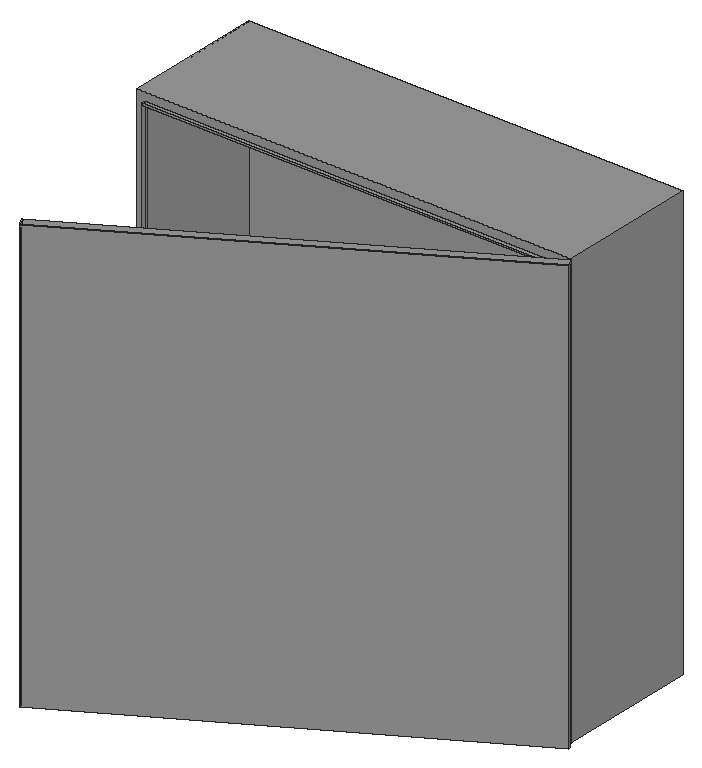
Revit family "Hager-Univers-IP55-D275-H800-Cl.I-Steel_encl-NoHosted-CH-fr", category Electrical Equipment, Revit 2020
Family settings
  Panel Configuration = Two Columns, Circuits Across
  Round Connector Dimension = Use Diameter
  Part Type = Panelboard
  Work Plane-Based = Yes
  Always vertical = Yes
  Cut with Voids When Loaded = No
  Shared = No
  Room Calculation Point = No
Parameters (values of type "saillie IP55 L800 H800 P275  - FR53E")
  Width Control [instance] = if([EF000008 - largeur] > Min Width, [EF000008 - largeur], Min Width)  # 800 mm
  Type Comments = [HG000003 - Gamme]  # "Univers"
  Thickness Door [instance] = if([EF009171 - épaisseur de matériau de la porte/du couvercle] > 3 mm, 3 mm, [EF009171 - épaisseur de matériau de la porte/du couvercle])  # 1.5 mm
  Seal Frame Offset [instance] = 17 mm  # constant formula
  Plinth Visibility [instance] = [HG000027 - Hauteur du socle] > 0 mm  # no
  Min Width [instance] = 100 mm  # constant formula
  Min Depth [instance] = (2 * [EF009170 - épaisseur de matériau du boîtier]) + 1 mm  # 4 mm
  Min Height [instance] = 100 mm  # constant formula
  Internal Frame Depth [instance] = (Door System Depth * 0.5)  # 9 mm
  Panel Name [instance] = ""  # (empty or 0)
  Model = ""
  HG000027 - Hauteur du socle = 0 mm
  HG000026 - Installation au sol = no
  HG000024 - Hauteur de la section basse = 600 mm
  HG000023 - Armoire double section = no
  HG000016 - Visibilité de la porte 3D [instance] = yes
  HG000015 - Visibilité de l'emprise de la porte [instance] = no
  HG000014 - Porte à droite [instance] = yes
  HG000013 - Porte à gauche [instance] = not([HG000014 - Porte à droite])  # no
  HG000012 - Angle de pivotement de la porte [instance] = 30.00°
  HG000010 - Portes asymétriques = no
  HG000009 - Porte à double battant = no
  HG000006 - Encastré = no
  HG000004 - Référence fabricant = "FR53E"
  HG000003 - Gamme = "Univers"
  HG000002 - avec porte = yes
  Frame Offset Bottom [instance] = 10 mm  # constant formula
  Frame Offset [instance] = 15 mm  # constant formula
  EF015940 - couvercle avec décharge de pression = no
  EF011959 - degré de protection (NEMA) = ""
  EF009554 - nombre d'ouvertures pour plaques à bride = 6
  EF009212 - finition du couvercle = "EV000116 - fermé"
  EF009171 - épaisseur de matériau de la porte/du couvercle = 1.5 mm
  EF009170 - épaisseur de matériau du boîtier = 1.5 mm
  EF008873 - courant nominal (In) = 800 A
  EF007800 - adapté à un parafoudre = no
  EF006306 - avec serrure = no
  EF006244 - couvercle/porte transparent(e) = no
  EF005474 - indice de protection (IP) = "EV006420 - IP55"
  EF004464 - type de porte = "EV002646 - unique"
  EF004427 - nombre de modules = 180
  EF004293 - indice de protection contre les chocs (IK) = "EV008784 - IK10"
  EF003532 - convient pour utilisation à l’extérieur = no
  EF002950 - largeur en nombre de modules = 24
  EF001613 - maintien de fonction = "EV000494 - sans"
  EF001596 - matériau du boîtier/corps = "EV000179 - acier"
  EF001131 - profondeur intérieure = 275 mm
  EF001088 - possibilité de montage en saillie = yes
  EF000437 - nombre d'entrées de conduit = 6
  EF000339 - type de capot = "EV004216 - porte"
  EF000266 - nombre de rangées = 5
  EF000218 - profondeur d'encastrement = 0 mm
  EF000118 - avec cadre/support de montage = no
  EF000116 - numéro RAL = "7035"
  EF000049 - profondeur = 275 mm
  EF000040 - hauteur = 800 mm
  EF000008 - largeur = 800 mm
  EF000007 - couleur = "EV000270 - gris"
  EF000003 - mode de pose = "EV000384 - saillie"
  Door System Leaf Tolerance [instance] = 1.5 mm  # constant formula
  Door System Depth [instance] = 18 mm  # constant formula
  Door Height [instance] = Height Control - [HG000027 - Hauteur du socle]  # 800 mm
  Description = ""
  Default Elevation = 1219.2 mm
  Connector Offset [instance] = Height Control / 2  # 400 mm
  Manufacturer = "Hager"  # constant formula
  Height Control [instance] = if([EF000040 - hauteur] > Min Height, [EF000040 - hauteur], Min Height)  # 800 mm
  Depth Control [instance] = if([EF000049 - profondeur] > Min Depth, [EF000049 - profondeur], Min Depth)  # 275 mm
  Bottom Top Plate Trim [instance] = 1.5 mm  # constant formula
  Plinth height Ctrl [instance] = if([HG000027 - Hauteur du socle] > 0 mm, [HG000027 - Hauteur du socle], 12 mm)  # 12 mm
Types (5, lengths in mm): name | Width Control | HG000010 - Portes asymétriques | HG000009 - Porte à double battant | HG000004 - Référence fabricant | EF009554 - nombre d'ouvertures pour plaques à bride | EF004464 - type de porte | EF004427 - nombre de modules | EF000437 - nombre d'entrées de conduit | EF000008 - largeur
  saillie IP55 L1050 H800 P275  - FR54E | 1050 | no | yes | "FR54E" | 8 | "EV003602 - double" | 240 | 8 | 1050
  saillie IP55 L1300 H800 P275  - FR55E | 1300 | yes | yes | "FR55E" | 10 | "EV003602 - double" | 300 | 10 | 1300
  saillie IP55 L300 H800 P275  - FR51E | 300 | no | no | "FR51E" | 2 | "EV002646 - unique" | 60 | 2 | 300
  saillie IP55 L550 H800 P275  - FR52E | 550 | no | no | "FR52E" | 4 | "EV002646 - unique" | 120 | 4 | 550
  saillie IP55 L800 H800 P275  - FR53E | 800 | no | no | "FR53E" | 6 | "EV002646 - unique" | 180 | 6 | 800
Reference planes
  plane 1 "Center (Front/Back)": y = 0
  plane 2: z = 0
  plane 3 "Center (Left/Right)": x = 0
  plane 4: y = 0
  plane 5: y = 0
  plane 6: z = 0
  plane 7: x = -400
  plane 8: x = 400
  plane 9: x = 398.5
  plane 10: x = -398.5
  plane 11: z = 0
  plane 12: z = 1.5
  plane 13: y = -275
  plane 14: y = -1.5
  plane 15: x = 0
  plane 16: y = -257
  plane 17: y = -273.5
  plane 18: y = -255.5
  plane 19: x = -383.5
  plane 20: x = 383.5
  plane 21: z = 11.5
  plane 22: x = -383
  plane 23: x = 383
  plane 24: z = 0
  plane 25: z = 800
  plane 26: z = 800
  plane 27: z = 783.5
  plane 28: z = 798.5
Forms (mm)
  Extrusion 1, solid, material "Hager_Steel_RAL7035_Light_Grey", detail levels medium+fine
    sketch origin (-208.679, -4572, 0) x (-1, 0, 0) y (0, -1, 0)
      loop
        line (191.321, -4315) -> (-608.679, -4315) -> (-608.679, -4572) -> (191.321, -4572) -> (191.321, -4315)
    from 0 to 800
  Extrusion 2, void
    sketch origin (-350.771, -275, 1219.2) x (1, 0, 0) y (0, 0, 1)
      loop
        line (-47.729, -420.7) -> (-47.729, -1217.7) -> (749.271, -1217.7) -> (749.271, -420.7) -> (-47.729, -420.7)
    from -19.5 to -273.5
  Extrusion 3, void
    sketch origin (-290.084, -257, 1219.2) x (1, 0, 0) y (0, 0, 1)
      loop
        line (-93.416, -1207.7) -> (673.584, -1207.7) -> (673.584, -435.7) -> (-93.416, -435.7) -> (-93.416, -1207.7)
    from 0 to -1.5
  Extrusion 4, solid, material "Hager_Steel_RAL7035_Light_Grey", visible <- "Plinth Visibility", detail levels medium+fine
    sketch origin (0, 0, 0) x (1, 0, 0) y (0, 1, 0)
      loop
        line (-400, 0) -> (-400, -257) -> (400, -257) -> (400, 0) -> (-400, 0)
    from 0 to 12 <- "Plinth height Ctrl"
  Extrusion 5, solid, material "Hager_Steel_RAL7035_Light_Grey", detail levels coarse
    sketch origin (0, 0, 0) x (1, 0, 0) y (0, 1, 0)
      loop
        line (-400, 0) -> (-400, -275) -> (400, -275) -> (400, 0) -> (-400, 0)
    from 0 to 800 <- "Height Control"
  Sweep 6, void
    path in 3D
      loop
        line (-400, -257, 12) -> (400, -257, 12) -> (400, 0, 12) -> (-400, 0, 12) -> (-400, -257, 12)
    profile origin (-400, -128.5, 12) x (1, 0, 0) y (0, 0, 1)
      loop
        line (0, 0) -> (0, -1.5) -> (1.5, -1.5)
        arc (1.5, -1.5) -> (1.061, -0.439) -> (0, 0) r 1.5
  Extrusion 7, solid, material "Hager_Steel_RAL7035_Light_Grey", detail levels fine
    sketch origin (-400, -257, 0) x (1, 0, 0) y (0, 0, 1)
      loop
        line (16.5, 11.5) -> (783.5, 11.5) -> (783.5, 783.5) -> (16.5, 783.5) -> (16.5, 11.5)
      loop
        line (15, 10) -> (785, 10) -> (785, 785) -> (15, 785) -> (15, 10)
    from 0 to 9 <- "Internal Frame Depth"
Cuts and joins
  Extrusion 2, Extrusion 3 cuts Extrusion 1
  Sweep 6 cuts Extrusion 4
Lines and regions (mm)
  Masking region 1
    outline origin (0, 0, 0) x (1, 0, 0) y (0, 1, 0)
      loop
        line (-400, 0) -> (-400, -275) -> (400, -275) -> (400, 0) -> (-400, 0)
  Masking region 2, detail levels coarse
    outline origin (-290.084, -257, 1219.2) x (-1, 0, 0) y (0, 0, 1)
      loop
        line (-690.084, -1219.2) -> (109.916, -1219.2) -> (109.916, -419.2) -> (-690.084, -419.2) -> (-690.084, -1219.2)
  Masking region 3, detail levels coarse
    outline origin (0, 0, 0) x (0, 1, 0) y (0, 0, 1)
      loop
        line (0, 0) -> (0, 800) -> (-275, 800) -> (-275, 0) -> (0, 0)
  Masking region 4, visible <- "Plinth Visibility", detail levels medium+fine
    outline origin (0, 0, 0) x (0, 1, 0) y (0, 0, 1)
      loop
        line (-1.5, 12) -> (-255.5, 12)
        arc (-255.5, 12) -> (-255.939, 10.939) -> (-257, 10.5) r 1.5
        line (-257, 10.5) -> (-257, 0) -> (0, 0) -> (0, 10.5)
        arc (0, 10.5) -> (-1.061, 10.939) -> (-1.5, 12) r 1.5
  Masking region 5, detail levels medium+fine
    outline origin (0, 0, 594.038) x (0, 1, 0) y (0, 0, 1)
      loop
        line (0, -594.038) -> (0, 205.962) -> (-257, 205.962) -> (-257, -594.038) -> (0, -594.038)
  Masking region 6, detail levels medium+fine
    outline origin (-359.7, -257, 1211.883) x (-1, 0, 0) y (0, 0, 1)
      loop
        line (-759.7, -1211.883) -> (40.3, -1211.883) -> (40.3, -411.883) -> (-759.7, -411.883) -> (-759.7, -1211.883)
  Masking region 7, visible <- "Plinth Visibility", detail levels medium+fine
    outline origin (-320.334, -257, 1041.368) x (-1, 0, 0) y (0, 0, 1)
      loop
        line (-720.334, -1041.368) -> (79.666, -1041.368) -> (79.666, -1030.868)
        arc (79.666, -1030.868) -> (78.606, -1030.429) -> (78.166, -1029.368) r 1.5
        line (78.166, -1029.368) -> (-718.834, -1029.368)
        arc (-718.834, -1029.368) -> (-719.273, -1030.429) -> (-720.334, -1030.868) r 1.5
        line (-720.334, -1030.868) -> (-720.334, -1041.368)
  sketch lines
    curve 1: line (-400, 0, 12) -> (-400, -257, 12)
    curve 2: line (-400, -257, 12) -> (400, -257, 12)
    curve 3: line (400, 0, 12) -> (-400, 0, 12)
    curve 4: line (400, -257, 12) -> (400, 0, 12)
Dimensions and locks
  locked: plane 1 "Center (Front/Back)" to plane 5
  "EF009170 - épaisseur de matériau du boîtier": plane 7 to plane 10
  "EF009170 - épaisseur de matériau du boîtier": plane 8 to plane 9
  equal spacing: plane 7, plane 3 "Center (Left/Right)", plane 8
  "Width Control": plane 7 to plane 8
  "Depth Control": plane 4 to plane 13
  "EF009170 - épaisseur de matériau du boîtier": plane 4 to plane 14
  "Height Control": plane 25 to level
  "HG000027 - Hauteur du socle": plane 11 to level
  "EF009170 - épaisseur de matériau du boîtier": plane 12 to plane 11
  "EF009170 - épaisseur de matériau du boîtier": plane 17 to plane 13
  "EF009170 - épaisseur de matériau du boîtier": plane 18 to plane 16
  "Frame Offset Bottom": plane 21 to plane 12
  "Frame Offset": plane 10 to plane 19
  "Frame Offset": plane 9 to plane 20
  "Door System Depth": plane 16 to plane 13
  "Seal Frame Offset": plane 7 to plane 22
  "Seal Frame Offset": plane 8 to plane 23
  "EF009170 - épaisseur de matériau du boîtier": plane 26 to plane 28
  "Frame Offset": plane 28 to plane 27
  "Connector Offset": plane 2 to connector elem
  "Bottom Top Plate Trim": profile plane to Sweep 6 sketch curve
  "Bottom Top Plate Trim": Sweep 6 sketch curve to Sweep 6 sketch curve
  "Plinth height Ctrl": Masking region 4 sketch curve to level
  "Plinth height Ctrl": Masking region 7 sketch curve to level
  "Thickness Door": Extrusion 7 sketch curve to Extrusion 7 sketch curve  (x4)
  "Bottom Top Plate Trim": radius of Sweep 6 sketch curve
  "Bottom Top Plate Trim": radius of Masking region 4 sketch curve  (x2)
  "Bottom Top Plate Trim": radius of Masking region 7 sketch curve  (x2)
  aligned and locked: Extrusion 2 sketch curve to plane 12
  aligned and locked: Extrusion 2 sketch curve to plane 9
  aligned and locked: Extrusion 2 sketch curve to plane 10
  aligned and locked: Extrusion 2 to plane 14
  aligned and locked: Extrusion 1 sketch curve to plane 4
  aligned and locked: plane 8 to Extrusion 1 sketch curve
  aligned and locked: plane 7 to Extrusion 1 sketch curve
  aligned and locked: Extrusion 2 to plane 18
  aligned and locked: Extrusion 3 sketch curve to plane 19
  aligned and locked: plane 20 to Extrusion 3 sketch curve
  aligned and locked: Extrusion 3 to Extrusion 2
  aligned and locked: Extrusion 3 sketch curve to plane 21
  aligned and locked: plane 3 "Center (Left/Right)" to nested 1
  aligned and locked: Extrusion 1 sketch curve to plane 16
  aligned and locked: Extrusion 4 sketch curve to cut or joined group of Extrusion 1, Extrusion 2, Extrusion 3
  aligned and locked: Masking region 1 sketch curve to plane 7
  aligned and locked: Masking region 1 sketch curve to plane 5
  aligned and locked: Masking region 1 sketch curve to plane 8
  aligned and locked: Masking region 2 sketch curve to level
  aligned and locked: level to Masking region 3 sketch curve
  aligned and locked: plane 1 "Center (Front/Back)" to Masking region 3 sketch curve
  aligned and locked: plane 13 to Masking region 3 sketch curve
  aligned and locked: plane 5 to Masking region 4 sketch curve
  aligned and locked: Masking region 2 sketch curve to plane 8
  aligned and locked: Masking region 2 sketch curve to plane 7
  aligned and locked: plane 7 to nested 2
  aligned and locked: nested 2 to plane 5
  aligned and locked: plane 5 to Masking region 5 sketch curve
  aligned and locked: plane 26 to Masking region 5 sketch curve
  aligned and locked: Extrusion 5 sketch curve to plane 8
  aligned and locked: Extrusion 5 sketch curve to plane 7
  aligned and locked: Extrusion 5 sketch curve to plane 5
  aligned and locked: Extrusion 3 sketch curve to plane 27
  aligned and locked: Extrusion 2 sketch curve to plane 28
  aligned and locked: Masking region 2 to plane 25
  aligned and locked: Extrusion 4 to plane 16
  aligned and locked: profile plane to Sweep 6 sketch curve
  aligned and locked: Masking region 5 sketch curve to plane 24
  aligned and locked: level to Masking region 4 sketch curve
  aligned and locked: Masking region 1 to plane 13
  aligned and locked: nested 1 to plane 16
  aligned and locked: Masking region 3 to plane 25
  aligned and locked: plane 16 to Masking region 4 sketch curve
  aligned and locked: Masking region 5 sketch curve to plane 16
  aligned and locked: plane 24 to plane 11
  aligned and locked: plane 26 to plane 25
  aligned and locked: plane 26 to cut or joined group of Extrusion 1, Extrusion 2, Extrusion 3
  aligned and locked: nested 1 to plane 24
  aligned and locked: Extrusion 1 to Extrusion 3
  aligned and locked: Masking region 6 sketch curve to plane 8
  aligned and locked: Masking region 6 sketch curve to plane 24
  aligned and locked: Masking region 6 sketch curve to plane 7
  aligned and locked: Masking region 6 sketch curve to plane 26
  aligned and locked: Masking region 7 sketch curve to plane 7
  aligned and locked: level to Masking region 7 sketch curve
  aligned and locked: Masking region 7 sketch curve to plane 8
  aligned and locked: Extrusion 7 sketch curve to cut or joined group of Extrusion 1, Extrusion 2, Extrusion 3  (x4)
Automatic sketch dimensions
  plane 19 to Extrusion 3 sketch curve = 0 mm
  Extrusion 3 sketch curve to plane 20 = 0 mm
  Extrusion 3 sketch curve to plane 21 = 0 mm
  Extrusion 4 sketch curve to plane 7 = 0 mm
  Extrusion 4 sketch curve to plane 8 = 0 mm
  Extrusion 4 sketch curve to plane 16 = 0 mm
  Masking region 1 sketch curve to plane 13 = 0 mm
  Masking region 2 sketch curve to plane 25 = 0 mm
  Masking region 3 sketch curve to plane 25 = 0 mm
  Extrusion 5 sketch curve to plane 13 = 0 mm
  profile plane to Sweep 6 sketch curve = 0 mm
Nested families
  nested 1: "EC000058_Univers_Door" at (0, -257, 0), Double <- "HG000009 - Porte à double battant", Transparent <- "EF006244 - couvercle/porte transparent(e)", Angle <- "HG000012 - Angle de pivotement de la porte", Door_Right <- "HG000014 - Porte à droite", Assymetrical <- "HG000010 - Portes asymétriques", Door <- "HG000002 - avec porte", Width_Ctrl <- "Width Control", 3d_Door <- "HG000016 - Visibilité de la porte 3D", Clearance <- "HG000015 - Visibilité de l'emprise de la porte", Door_Left <- "HG000013 - Porte à gauche", Width <- "Width Control", Door_Depth <- "Door System Depth", Leaf_Tolerance <- "Door System Leaf Tolerance", Height <- "Door Height", Lock_Visibility <- "EF006306 - avec serrure", Thickness <- "Thickness Door", type "EC000058_Univers_Door", detail levels medium+fine
    with min_wh 4 mm, Width_Ctrl 800 mm, Width 800 mm, Transparent no, Thickness 1.5 mm, Seal_Material Hager_Rubber, Lock_Visibility no, Lock_Material Hager_Plastic_RAL9005_Jet_Black, Leaf_Width 800 mm, Leaf_Tolerance_External_Sides 0 mm, Leaf_Tolerance 1.5 mm, Leaf_Offset 0 mm, Leaf_Height 797 mm, Leaf_2_Width 800 mm, Leaf_2_Offset 400 mm, Leaf_1_Width 800 mm, Leaf_1_Offset 400 mm, Height_Ctrl 800 mm, Height 800 mm, Glass_Material Hager_Glass, Double_Clearance_Ctrl no, Double no, Door_Right_Ctrl yes, Door_Right yes, Door_Material Hager_Steel_RAL7035_Light_Grey, Door_Left_Ctrl no, Door_Left no, Door_Depth 18 mm, Door yes, Clearance_Material Hager_Clearance, Clearance_Depth 800 mm, Clearance_Ctrl no, Clearance no, Assymetrical no, Angle 30.00°, 3d_Door yes
  nested 2: "Hager_Enclosure_Symbol" at (-400, 0, 0), Height <- "Depth Control", Width <- "Width Control", type "Hager_Enclosure_Symbol"
    with Width_Ctrl 800 mm, Width 800 mm, Height_Ctrl 275 mm, Height 275 mm, A_Width_Int 18.047 mm, A_Width 216.562 mm, A_Height_Ctrl 240.625 mm, A_Height 240.625 mm
Connectors
  electrical at (0, 0, 400)
    settings: on plane 1 "Center (Front/Back)", index 1, voltage 0 V, apparent load 0 VA, apparent load phase1 0 VA, apparent load phase2 0 VA, apparent load phase3 0 VA, power factor 1, load classification "Other", number of poles 1, system type 30, power factor state 1, is connector primary yes, connector utility no, sub classification motor no, connector description ""
Definition of nested family "EC000058_Univers_Door"
  Parameters (values of type "EC000058_Univers_Door")
    min_wh [instance] = (2 * Thickness) + 1 mm  # 11 mm
    Width_Ctrl [instance] = 400 mm
    Width [instance] = 500 mm
    Transparent [instance] = yes
    Thickness [instance] = 5 mm
    Seal_Material [instance] = none
    Lock_Visibility [instance] = yes
    Lock_Material [instance] = none
    Leaf_Width [instance] = if((Width_Ctrl - 2 * Leaf_Tolerance_External_Sides) > 0 mm, (Width_Ctrl - 2 * Leaf_Tolerance_External_Sides), min_wh)  # 400 mm
    Leaf_Tolerance_External_Sides [instance] = 0 mm  # constant formula
    Leaf_Tolerance [instance] = 1.5 mm
    Leaf_Offset [instance] = 0 mm  # constant formula
    Leaf_Height [instance] = if((Height_Ctrl - 2 * Leaf_Tolerance) > 0 mm, (Height_Ctrl - 2 * Leaf_Tolerance), min_wh)  # 497 mm
    Leaf_2_Width [instance] = if(and(and(Double, Assymetrical), Door_Left), (Leaf_Width / 3) - (Leaf_Tolerance / 2), if(and(and(Double, Assymetrical), Door_Right), (Leaf_Width / 3) * 2 - (Leaf_Tolerance / 2), if(and(Double, not(Assymetrical)), (Leaf_Width / 2) - Leaf_Tolerance, Leaf_Width)))  # 400 mm
    Leaf_2_Offset [instance] = if(and(Double, Assymetrical), Leaf_2_Width / 2, if(and(Double, not(Assymetrical)), Leaf_Width / 4, Leaf_Width / 2))  # 200 mm
    Leaf_1_Width [instance] = if(and(and(Double, Assymetrical), Door_Right), (Leaf_Width / 3) - (Leaf_Tolerance / 2), if(and(and(Double, Assymetrical), Door_Left), (Width / 3) * 2 - (Leaf_Tolerance / 2), if(and(Double, not(Assymetrical)), (Leaf_Width / 2) - Leaf_Tolerance, Leaf_Width)))  # 400 mm
    Leaf_1_Offset [instance] = if(and(Double, Assymetrical), Leaf_1_Width / 2, if(and(Double, not(Assymetrical)), Leaf_Width / 4, Leaf_Width / 2))  # 200 mm
    Height_Ctrl [instance] = if(Height > min_wh, Height, min_wh)  # 500 mm
    Height [instance] = 500 mm
    Glass_Material [instance] = none
    Double_Clearance_Ctrl [instance] = and(Double, Clearance)  # no
    Double [instance] = no
    Door_Right_Ctrl [instance] = and(or(Door_Right, Double), Door)  # yes
    Door_Right [instance] = yes
    Door_Material [instance] = none
    Door_Left_Ctrl [instance] = and(or(Door_Left, Double), Door)  # no
    Door_Left [instance] = no
    Door_Depth [instance] = 30 mm
    Door [instance] = yes
    Default Elevation = 1219.2 mm
    Clearance_Material [instance] = none
    Clearance_Depth [instance] = if(Leaf_1_Width > Leaf_2_Width, Leaf_1_Width, Leaf_2_Width)  # 400 mm
    Clearance_Ctrl [instance] = and(not(Double), Clearance)  # yes
    Clearance [instance] = yes
    Assymetrical [instance] = yes
    Angle [instance] = 30.00°
    3d_Door [instance] = yes
  Reference planes
    plane 1 "Center (Front/Back)": y = 0
    plane 2 "Bottom": z = 0
    plane 3 "Center (Left/Right)": x = 0
    plane 4: z = 500
    plane 5: x = -200
    plane 6: x = 200
    plane 7: z = 500
    plane 8: x = -200
    plane 9: z = 0
    plane 10: x = 200
    plane 11: y = 0
    plane 12: z = 1.5
    plane 13: x = -600
    plane 14: y = -400
    plane 15: x = 600
    plane 16: x = 0
    plane 17: x = 0
    plane 18: x = -200
    plane 19: x = 200
    plane 20: z = 498.5
  Forms (mm)
    Extrusion 1, solid, material <- "Clearance_Material", visible <- "Double_Clearance_Ctrl"
      sketch origin (1200, 0, 0) x (1, 0, 0) y (0, 0, -1)
        loop
          line (-1800, -498.5) -> (-600, -498.5) -> (-600, 0) -> (-1800, 0) -> (-1800, -498.5)
      from 0 to -400
  Dimensions and locks
    equal spacing: plane 5, plane 3 "Center (Left/Right)", plane 6
    "Width_Ctrl": plane 5 to plane 6
    "Leaf_Offset": plane 5 to plane 8
    "Leaf_Offset": plane 6 to plane 10
    "Leaf_Offset": plane 9 to level
    "Leaf_Offset": plane 4 to plane 7
    "Height_Ctrl": plane 4 to level
    "Leaf_Tolerance": plane 12 to plane 9
    locked: plane 11 to plane 1 "Center (Front/Back)"
    "Leaf_1_Offset": plane 18 to plane 16
    "Leaf_2_Offset": plane 17 to plane 19
    "Leaf_1_Width": plane 13 to plane 8
    "Leaf_2_Width": plane 10 to plane 15
    "Clearance_Depth": plane 14 to plane 1 "Center (Front/Back)"
    "Leaf_Tolerance_External_Sides": plane 8 to plane 18
    "Leaf_Tolerance_External_Sides": plane 19 to plane 10
    "Leaf_Tolerance": plane 7 to plane 20
    aligned and locked: level to plane 2 "Bottom"
    aligned and locked: nested 1 to plane 16
    aligned and locked: nested 2 to plane 17
    aligned and locked: Extrusion 1 to plane 13
    aligned and locked: plane 15 to Extrusion 1
    aligned and locked: Extrusion 1 to plane 14
    aligned and locked: plane 12 to nested 1
    aligned and locked: nested 2 to plane 12
    aligned and locked: Extrusion 1 to plane 11
    aligned and locked: plane 20 to Extrusion 1
    aligned and locked: nested 2 to plane 11
    aligned and locked: nested 1 to plane 11
  Automatic sketch dimensions
    Extrusion 1 sketch curve to level = 0 mm
    plane 5 to Extrusion 1 sketch curve = 400 mm
    plane 6 to Extrusion 1 sketch curve = 400 mm
    Extrusion 1 sketch curve to plane 4 = 1.5 mm
  Nested families
    nested 1: "EC000058_Univers_Door_Leaf" at (0, 0, 1.5), Width <- "Leaf_1_Width", visible <- "Door_Left_Ctrl", Leaf_Height <- "Leaf_Height", Angle <- "Angle", 3d_Door <- "3d_Door", Transparent <- "Transparent", Clearance Material <- "Clearance_Material", Clearance <- "Clearance_Ctrl", Door_Material <- "Door_Material", Glass_Material <- "Glass_Material", Door_Depth <- "Door_Depth", Lock_Material <- "Lock_Material", Seal_Material <- "Seal_Material", Lock_Visibility <- "Lock_Visibility", Thickness <- "Thickness", type "EC000058_Univers_Door_Leaf"
      with Width 400 mm, Transparent_Glass_Offset 30 mm, Transparent_Ctrl yes, Transparent yes, Thickness 5 mm, Standard no, Seal_Material none, Seal_D2 8 mm, Seal_D1 1 mm, Offset_Internal_Frame 10 mm, Lock_Width 20 mm, Lock_Visibility_3d yes, Lock_Visibility yes, Lock_Thickness_3 3 mm, Lock_Thickness_2 1 mm, Lock_Thickness_1 3 mm, Lock_Radius_Offset_2 16 mm, Lock_Radius_Offset_1 15 mm, Lock_Radius_2 5 mm, Lock_Radius 6 mm, Lock_Offset 5 mm, Lock_Material none, Lock_Height 80 mm, Lock_Cover_Top_Offset_2d 17 mm, Lock_Cover_Height -65 mm, Leaf_Height 497 mm, Internal_Seal_Thickness 8 mm, Internal_Seal_Depth_2 4.5 mm, Internal_Frame_Depth 25 mm, Glass_Thickness -1 mm, Glass_Offset -2 mm, Glass_Material none, Door_Material none, Door_Depth 30 mm, Clearance Material none, Clearance yes, Angle_Ctrl 30.00°, Angle 30.00°, 3d_Door yes
    nested 2: "EC000058_Univers_Door_Leaf" at (0, 0, 1.5) x (-1, 0, 0) z (0, 0, 1), Width <- "Leaf_2_Width", visible <- "Door_Right_Ctrl", Leaf_Height <- "Leaf_Height", Angle <- "Angle", 3d_Door <- "3d_Door", Transparent <- "Transparent", Clearance Material <- "Clearance_Material", Clearance <- "Clearance_Ctrl", Door_Material <- "Door_Material", Glass_Material <- "Glass_Material", Door_Depth <- "Door_Depth", Lock_Material <- "Lock_Material", Seal_Material <- "Seal_Material", Lock_Visibility <- "Lock_Visibility", Thickness <- "Thickness", type "EC000058_Univers_Door_Leaf"
      with Width 400 mm, Transparent_Glass_Offset 30 mm, Transparent_Ctrl yes, Transparent yes, Thickness 5 mm, Standard no, Seal_Material none, Seal_D2 8 mm, Seal_D1 1 mm, Offset_Internal_Frame 10 mm, Lock_Width 20 mm, Lock_Visibility_3d yes, Lock_Visibility yes, Lock_Thickness_3 3 mm, Lock_Thickness_2 1 mm, Lock_Thickness_1 3 mm, Lock_Radius_Offset_2 16 mm, Lock_Radius_Offset_1 15 mm, Lock_Radius_2 5 mm, Lock_Radius 6 mm, Lock_Offset 5 mm, Lock_Material none, Lock_Height 80 mm, Lock_Cover_Top_Offset_2d 17 mm, Lock_Cover_Height -65 mm, Leaf_Height 497 mm, Internal_Seal_Thickness 8 mm, Internal_Seal_Depth_2 4.5 mm, Internal_Frame_Depth 25 mm, Glass_Thickness -1 mm, Glass_Offset -2 mm, Glass_Material none, Door_Material none, Door_Depth 30 mm, Clearance Material none, Clearance yes, Angle_Ctrl 30.00°, Angle 30.00°, 3d_Door yes
  Definition of nested family "EC000058_Univers_Door_Leaf"
    Parameters (values of type "EC000058_Univers_Door_Leaf")
      Width [instance] = 2000 mm
      Transparent_Glass_Offset [instance] = 30 mm
      Transparent_Ctrl [instance] = and(Transparent, [3d_Door])  # yes
      Transparent [instance] = yes
      Thickness [instance] = 5 mm
      Standard [instance] = and(not(Transparent), [3d_Door])  # no
      Seal_Material [instance] = none
      Seal_D2 [instance] = 8 mm  # constant formula
      Seal_D1 [instance] = 1 mm  # constant formula
      Offset_Internal_Frame [instance] = 10 mm  # constant formula
      Lock_Width [instance] = 20 mm  # constant formula
      Lock_Visibility_3d [instance] = and(Lock_Visibility, [3d_Door])  # yes
      Lock_Visibility [instance] = yes
      Lock_Thickness_3 [instance] = 3 mm  # constant formula
      Lock_Thickness_2 [instance] = 1 mm  # constant formula
      Lock_Thickness_1 [instance] = 3 mm  # constant formula
      Lock_Radius_Offset_2 [instance] = Lock_Radius_Offset_1 + 1 mm  # 16 mm
      Lock_Radius_Offset_1 [instance] = 15 mm  # constant formula
      Lock_Radius_2 [instance] = Lock_Radius - 1 mm  # 5 mm
      Lock_Radius [instance] = 6 mm  # constant formula
      Lock_Offset [instance] = 5 mm  # constant formula
      Lock_Material [instance] = none
      Lock_Height [instance] = 80 mm  # constant formula
      Lock_Cover_Top_Offset_2d [instance] = Lock_Radius_Offset_2 + 1 mm  # 17 mm
      Lock_Cover_Height [instance] = -(Lock_Height - Lock_Radius_Offset_1)  # -65 mm
      Leaf_Height [instance] = 2720.336 mm
      Internal_Seal_Thickness [instance] = 8 mm  # constant formula
      Internal_Seal_Depth_2 [instance] = 4.5 mm  # constant formula
      Internal_Frame_Depth [instance] = if(Door_Depth - Thickness > 5 mm, Door_Depth - Thickness, 5 mm)  # 25 mm
      Glass_Thickness [instance] = if(Thickness > 15 mm, Glass_Offset + 10 mm, -1 mm)  # -1 mm
      Glass_Offset [instance] = if(Thickness > 15 mm, -(Thickness + 10 mm) / 2, -2 mm)  # -2 mm
      Glass_Material [instance] = none
      Door_Material [instance] = none
      Door_Depth [instance] = 30 mm
      Default Elevation = 0 mm
      Clearance Material [instance] = none
      Clearance [instance] = yes
      Angle_Ctrl [instance] = if(Angle > 180.00°, 180.00°, Angle)  # 90.00°
      Angle [instance] = 90.00°
      3d_Door [instance] = yes
    Reference planes
      plane 1 "Center (Front/Back)": y = 0
      plane 2: z = 0
      plane 3 "Center (Left/Right)": x = 0
      plane 4: y = 2000
      plane 5: x = -1000
      plane 6: x = 1000
      plane 7: x = -3000
      plane 8: z = 2720.336
      plane 9: z = 30
      plane 10: z = 2690.336
      plane 11: x = 970
      plane 12: x = -970
      plane 13: y = -3
      plane 14: z = 107.833
      plane 15: y = -5
      plane 16: y = -223.314
      plane 17: x = -1000
      plane 18: z = 1360.168
      plane 19: y = 30
    Forms (mm)
      Extrusion 1, solid, material <- "Clearance Material", visible <- "Clearance"
        sketch origin (0, 0, 0) x (1, 0, 0) y (0, 0, 1)
          loop
            line (-3000, 2720.336) -> (-3000, 0) -> (1000, 0) -> (1000, 2720.336) -> (-3000, 2720.336)
        from 0 to -2000
      Extrusion 2, solid, material <- "Door_Material", visible <- "Standard", detail levels medium+fine
        sketch origin (-1000, 0, 0) x (0, 1, 0) y (-1, 0, 0)
          loop
            line (0, 30) -> (0, 25) -> (2000, 25) -> (2000, 30) -> (0, 30)
        from 0 to 2720.336 <- "Leaf_Height"
      Extrusion 3, solid, material <- "Door_Material", visible <- "Transparent_Ctrl", detail levels medium+fine
        sketch origin (-1000, 0, 0) x (0, 1, 0) y (-1, 0, 0)
          loop
            line (0, 25) -> (2000, 25) -> (2000, 30) -> (0, 30) -> (0, 25)
        from 0 to 2720.336 <- "Leaf_Height"
      Extrusion 4, void
        sketch origin (-1025, 2000, 0) x (0, 1, 0) y (0, 0, -1)
          loop
            line (-30, -2690.336) -> (-30, -30) -> (-1970, -30) -> (-1970, -2690.336) -> (-30, -2690.336)
        from 0 to 5 <- "Thickness"
      Sweep 5, solid, material <- "Seal_Material", visible <- "Transparent_Ctrl", detail levels fine
        path in 3D
          loop
            line (-1025, 30, 30) -> (-1025, 30, 2690.336) -> (-1025, 1970, 2690.336) -> (-1025, 1970, 30) -> (-1025, 30, 30)
        profile origin (-1025, 1000, 30) x (1, 0, 0) y (0, 0, 1)
          loop
            line (0, 0) -> (0, -8) -> (1, -8) -> (1, 0) -> (0, 0)
      Extrusion 6, solid, material <- "Glass_Material", visible <- "Transparent_Ctrl", detail levels medium+fine
        sketch origin (-1030, 0, 0) x (0, 1, 0) y (0, 0, -1)
          loop
            line (1970, -2690.336) -> (1970, -30) -> (30, -30) -> (30, -2690.336) -> (1970, -2690.336)
        from -2 <- "Glass_Offset" to -1 <- "Glass_Thickness"
      Extrusion 7, solid, material <- "Door_Material", visible <- "3d_Door", detail levels medium+fine
        sketch origin (-1025, 2000, 0) x (0, -1, 0) y (0, 0, -1)
          loop
            line (0, -2720.336) -> (2000, -2720.336) -> (2000, 0) -> (0, 0) -> (0, -2720.336)
          loop
            line (1995, -5) -> (5, -5) -> (5, -2715.336) -> (1995, -2715.336) -> (1995, -5)
        from 0 to 25 <- "Internal_Frame_Depth"
      Sweep 8, solid, material <- "Seal_Material", visible <- "Transparent_Ctrl", detail levels fine
        path in 3D
          loop
            line (-1025, 0, 0) -> (-1025, 2000, 0) -> (-1025, 2000, 2720.336) -> (-1025, 0, 2720.336) -> (-1025, 0, 0)
        profile origin (-1025, 0, 1360.168) x (1, 0, 0) y (0, 1, 0)
          loop
            line (0, 10) -> (2.975, 10)
            arc (2.975, 10) -> (4.053, 10.447) -> (4.5, 11.525) r 1.525
            line (4.5, 11.525) -> (4.5, 16.527)
            arc (4.5, 16.527) -> (4.069, 17.569) -> (3.027, 18) r 1.473
            line (3.027, 18) -> (0, 18) -> (0, 10)
      Extrusion 9, solid, material <- "Lock_Material", visible <- "Lock_Visibility_3d", detail levels fine
        sketch origin (-1030, 0, 0) x (0, 1, 0) y (0, 0, -1)
          loop
            arc (1993.5, -1400.168) -> (1994.561, -1399.729) -> (1995, -1398.668) r 1.5
            line (1995, -1398.668) -> (1995, -1320.168) -> (1975, -1320.168) -> (1975, -1398.668)
            arc (1975, -1398.668) -> (1975.439, -1399.729) -> (1976.5, -1400.168) r 1.5
            line (1976.5, -1400.168) -> (1993.5, -1400.168)
        from 3 <- "Lock_Thickness_1" to 0
      Blend 10, solid, material <- "Lock_Material", visible <- "Lock_Visibility_3d", detail levels fine
        base sketch origin (-1033, 0, 0) x (0, 1, 0) y (0, 0, -1)
          loop
            line (1975, -1320.168) -> (1975, -1398.668)
            arc (1975, -1398.668) -> (1975.439, -1399.729) -> (1976.5, -1400.168) r 1.5
            line (1976.5, -1400.168) -> (1993.5, -1400.168)
            arc (1993.5, -1400.168) -> (1994.561, -1399.729) -> (1995, -1398.668) r 1.5
            line (1995, -1398.668) -> (1995, -1320.168) -> (1975, -1320.168)
        top sketch origin (-1033, 0, 0) x (0, 1, 0) y (0, 0, -1)
          loop
            line (1976, -1320.168) -> (1976, -1398.668)
            arc (1976, -1398.668) -> (1976.146, -1399.022) -> (1976.5, -1399.168) r 0.5
            line (1976.5, -1399.168) -> (1993.5, -1399.168)
            arc (1993.5, -1399.168) -> (1993.854, -1399.022) -> (1994, -1398.668) r 0.5
            line (1994, -1398.668) -> (1994, -1320.168) -> (1976, -1320.168)
        from 0 to 1 <- "Lock_Thickness_2"
      Blend 11, solid, material <- "Lock_Material", visible <- "Lock_Visibility_3d", detail levels fine
        base sketch origin (-1034, 0, 0) x (0, 1, 0) y (0, 0, -1)
          loop
            line (1978, -1320.168) -> (1978, -1384.168)
            arc (1978, -1384.168) -> (1985, -1391.168) -> (1992, -1384.168) r 7
            line (1992, -1384.168) -> (1992, -1320.168) -> (1978, -1320.168)
        top sketch origin (-1034, 0, 0) x (0, 1, 0) y (0, 0, -1)
          loop
            line (1991, -1320.168) -> (1979, -1320.168) -> (1979, -1383.168)
            arc (1979, -1383.168) -> (1985, -1389.168) -> (1991, -1383.168) r 6
            line (1991, -1383.168) -> (1991, -1320.168)
        from 0 to 3 <- "Lock_Thickness_3"
      Extrusion 12, solid, material <- "Lock_Material", visible <- "Lock_Visibility_3d", detail levels fine
        sketch origin (-1030, 1975, 1320.168) x (1, 0, 0) y (0, -1, 0)
          loop
            line (-7, -19) -> (-7, -1) -> (0, -1) -> (0, 0) -> (-8, 0) -> (-8, -20) -> (0, -20) -> (0, -19) -> (-7, -19)
        from 0 to -65 <- "Lock_Cover_Height"
      Extrusion 13, void
        sketch origin (-1038, 1995, 1320.168) x (-1, 0, 0) y (0, 0, -1)
          loop
            line (-5, -65) -> (0, -65) -> (-5, -60) -> (-5, -65)
        from 0 to 20 <- "Lock_Width"
      Extrusion 14, void
        sketch origin (-1038, 1975, 1320.168) x (0, -1, 0) y (0, 0, -1)
          loop
            circle (-10, -15.995) r 6
          loop
            circle (-10, -15.995) r 5
        from 0 to 2
      Extrusion 15, solid, material <- "Lock_Material", visible <- "Lock_Visibility_3d", detail levels medium
        sketch origin (-1030, 0, 0) x (0, 1, 0) y (0, 0, -1)
          loop
            arc (1993.5, -1400.168) -> (1994.561, -1399.729) -> (1995, -1398.668) r 1.5
            line (1995, -1398.668) -> (1995, -1320.168) -> (1975, -1320.168) -> (1975, -1398.668)
            arc (1975, -1398.668) -> (1975.439, -1399.729) -> (1976.5, -1400.168) r 1.5
            line (1976.5, -1400.168) -> (1993.5, -1400.168)
        from 8 to 0
    Cuts and joins
      Extrusion 4 cuts Extrusion 3
      Extrusion 13, Extrusion 14 cuts Extrusion 9
      Extrusion 14 cuts Blend 11
      Extrusion 13, Extrusion 14 cuts Extrusion 12
      joined: Extrusion 9, Blend 10, Blend 11, Extrusion 12
      Extrusion 14 cuts Extrusion 15
    Lines and regions (mm)
      Masking region 1, visible <- "Lock_Visibility", detail levels fine
        outline origin (0, 0, 0) x (0, 1, 0) y (0, 0, 1)
          loop
            line (30, 1320.168) -> (33, 1320.168) -> (33, 1400.168) -> (30, 1400.168) -> (30, 1320.168)
      Masking region 2, visible <- "Lock_Visibility", detail levels fine
        outline origin (0, 3.143, 0) x (0, 1, 0) y (0, 0, 1)
          loop
            line (29.857, 1354.168) -> (30.857, 1354.168) -> (30.857, 1366.168) -> (29.857, 1366.168) -> (29.857, 1354.168)
      Masking region 3, detail levels medium+fine
        outline origin (0, 0, 0) x (0, 1, 0) y (0, 0, 1)
          loop
            line (0, 0) -> (30, 0) -> (30, 2720.336) -> (0, 2720.336) -> (0, 0)
      Masking region 4, detail levels medium+fine
        outline origin (0, 0, 0) x (1, 0, 0) y (0, 0, 1)
          loop
            line (-1000, 2720.336) -> (-1000, 0) -> (1000, 0) -> (1000, 2720.336) -> (-1000, 2720.336)
      Masking region 5, visible <- "Lock_Visibility", detail levels fine
        outline origin (-47.116, 0, 0) x (1, 0, 0) y (0, 0, 1)
          loop
            arc (1024.616, 1399.168) -> (1023.556, 1398.729) -> (1023.116, 1397.668) r 1.5
            line (1023.116, 1397.668) -> (1023.116, 1320.168) -> (1041.116, 1320.168) -> (1041.116, 1397.668)
            arc (1041.116, 1397.668) -> (1040.677, 1398.729) -> (1039.616, 1399.168) r 1.5
            line (1039.616, 1399.168) -> (1024.616, 1399.168)
      Masking region 6, visible <- "Lock_Visibility", detail levels medium+fine
        outline origin (-25, 0, 0) x (1, 0, 0) y (0, 0, 1)
          loop
            arc (1001.5, 1400.168) -> (1000.439, 1399.729) -> (1000, 1398.668) r 1.5
            line (1000, 1398.668) -> (1000, 1320.168) -> (1020, 1320.168) -> (1020, 1398.668)
            arc (1020, 1398.668) -> (1019.561, 1399.729) -> (1018.5, 1400.168) r 1.5
            line (1018.5, 1400.168) -> (1001.5, 1400.168)
      Masking region 7, visible <- "Lock_Visibility", detail levels fine
        outline origin (-73.735, 0, 0) x (1, 0, 0) y (0, 0, 1)
          loop
            line (1051.735, 1382.168) -> (1065.735, 1382.168) -> (1065.735, 1384.168)
            arc (1065.735, 1384.168) -> (1058.735, 1391.168) -> (1051.735, 1384.168) r 7
            line (1051.735, 1384.168) -> (1051.735, 1382.168)
      Masking region 8, visible <- "Lock_Visibility", detail levels fine
        outline origin (-73.735, 0, 0) x (1, 0, 0) y (0, 0, 1)
          loop
            line (1052.735, 1382.168) -> (1064.735, 1382.168) -> (1064.735, 1383.168)
            arc (1064.735, 1383.168) -> (1058.735, 1389.168) -> (1052.735, 1383.168) r 6
            line (1052.735, 1383.168) -> (1052.735, 1382.168)
      Masking region 9, visible <- "Lock_Visibility", detail levels fine
        outline origin (-25, 0, 0) x (1, 0, 0) y (0, 0, 1)
          loop
            line (1020, 1320.168) -> (1020, 1382.168) -> (1000, 1382.168) -> (1000, 1320.168) -> (1020, 1320.168)
      Masking region 10, detail levels medium+fine
        outline origin (0, 0, 0) x (1, 0, 0) y (0, 0, 1)
          loop
            circle (985, 1335.144) r 6
      Masking region 11, detail levels fine
        outline origin (0, 0, 0) x (1, 0, 0) y (0, 0, 1)
          loop
            circle (985, 1335.144) r 5
      Masking region 12, visible <- "Lock_Visibility", detail levels fine
        outline origin (0, 12.767, 0) x (0, 1, 0) y (0, 0, 1)
          loop
            line (20.233, 1320.168) -> (21.233, 1320.168) -> (21.233, 1399.168) -> (20.233, 1400.168) -> (20.233, 1320.168)
      Masking region 13, visible <- "Lock_Visibility", detail levels fine
        outline origin (0, 13.767, -10) x (0, 1, 0) y (0, 0, 1)
          loop
            line (20.233, 1330.168) -> (23.233, 1330.168) -> (23.233, 1399.168) -> (20.233, 1402.168) -> (20.233, 1330.168)
      Masking region 14, visible <- "Lock_Visibility", detail levels fine
        outline origin (0, 12.767, -10) x (0, 1, 0) y (0, 0, 1)
          loop
            line (20.233, 1330.168) -> (25.233, 1330.168) -> (25.233, 1399.305) -> (20.233, 1394.305) -> (20.233, 1330.168)
      Masking region 15, visible <- "Lock_Visibility", detail levels medium
        outline origin (0, 0, 0) x (0, 1, 0) y (0, 0, 1)
          loop
            line (30, 1320.168) -> (38, 1320.168) -> (38, 1400.168) -> (30, 1400.168) -> (30, 1320.168)
      Masking region 16, visible <- "Lock_Visibility", detail levels fine
        outline origin (-1000, 0, 0) x (0, 1, 0) y (-1, 0, 0)
          loop
            line (1975, 30) -> (1995, 30) -> (1995, 38) -> (1975, 38) -> (1975, 30)
          loop
            line (1979, 37) -> (1976, 37) -> (1976, 34) -> (1978, 34) -> (1979, 37)
          loop
            line (1994, 37) -> (1991, 37) -> (1992, 34) -> (1994, 34) -> (1994, 37)
      Masking region 17, visible <- "Lock_Visibility", detail levels medium
        outline origin (-1000, 0, 0) x (0, 1, 0) y (-1, 0, 0)
          loop
            line (1975, 30) -> (1995, 30) -> (1995, 38) -> (1975, 38) -> (1975, 30)
      symbolic lines
        curve 1: line (1000, 0, 0) -> (-3000, 0, 0)
        curve 2: arc (1000, 0, 0) -> (-1000, 2000, 0) -> (-3000, 0, 0) r 2000
        curve 4: line (-1030, 0, 0) -> (-1030, 2000, 0)
      reference lines
        curve 3: line (-1000, 0, 0) -> (-1000, 2000, 0)
      symbolic lines, detail levels medium+fine
        curve 5: line (-1030, 2000, 0) -> (-1025, 2000, 0)
        curve 7: line (-1025, 0, 0) -> (-1030, 0, 0)
        curve 8: line (-1025, 0, 0) -> (-1000, 0, 0)
        curve 9: line (-1000, 0, 0) -> (-1000, 2000, 0)
        curve 10: line (-1000, 2000, 0) -> (-1025, 2000, 0)
      symbolic lines, detail levels fine
        curve 6: line (-1025, 2000, 0) -> (-1025, 0, 0)
      sketch lines
        curve 11: line (-1025, 0, 2720.336) -> (-1025, 0, 0)
        curve 12: line (-1025, 2000, 0) -> (-1025, 0, 0)
        curve 13: line (-1025, 2000, 2720.336) -> (-1025, 2000, 0)
        curve 14: line (-1025, 0, 2720.336) -> (-1025, 2000, 2720.336)
        curve 15: line (-1025, 1970, 30) -> (-1025, 30, 30)
        curve 16: line (-1025, 30, 30) -> (-1025, 30, 2690.336)
        curve 17: line (-1025, 1970, 2690.336) -> (-1025, 1970, 30)
        curve 18: line (-1025, 30, 2690.336) -> (-1025, 1970, 2690.336)
      symbolic lines, visible <- "Transparent", detail levels medium+fine
        curve 19: line (-970, 0, 2690.336) -> (970, 0, 2690.336)
        curve 20: line (-970, 0, 30) -> (-970, 0, 2690.336)
        curve 21: line (970, 0, 30) -> (-970, 0, 30)
        curve 22: line (970, 0, 2690.336) -> (970, 0, 30)
    Dimensions and locks
      "Width": plane 1 "Center (Front/Back)" to plane 4
      equal spacing: plane 5, plane 3 "Center (Left/Right)", plane 6
      "Width": plane 5 to plane 6
      "Width": plane 7 to plane 5
      "Leaf_Height": plane 8 to level
      "Width": curve 5 to curve 3
      "Width": curve 3 to curve 3
      plane 8 to plane 10 = 30 mm
      plane 9 to level = 30 mm
      plane 12 to plane 5 = 30 mm
      plane 6 to plane 11 = 30 mm
      Extrusion 1 to Extrusion 4 sketch curve = 30 mm
      "Transparent_Glass_Offset": curve 3 to Extrusion 4 sketch curve
      "Transparent_Glass_Offset": Extrusion 4 sketch curve to cut or joined group of Extrusion 3, Extrusion 4  (x2)
      cut or joined group of Extrusion 3, Extrusion 4 to Extrusion 6 sketch curve = 30 mm
      "Transparent_Glass_Offset": cut or joined group of Extrusion 3, Extrusion 4 to Extrusion 4 sketch curve
      "Thickness": curve 6 to curve 4
      "Thickness": Extrusion 7 sketch curve to Extrusion 7 sketch curve  (x4)
      "Door_Depth": curve 4 to curve 3
      "Offset_Internal_Frame": profile plane to Sweep 8 sketch curve
      "Internal_Seal_Thickness": Sweep 8 sketch curve to Sweep 8 sketch curve
      "Internal_Seal_Depth_2": profile plane to Sweep 8 sketch curve
      "Seal_D1": profile plane to Sweep 5 sketch curve
      "Seal_D2": profile plane to Sweep 5 sketch curve
      "Thickness": Extrusion 2 sketch curve to Extrusion 2 sketch curve
      equal spacing: Extrusion 9 sketch curve, plane 18, Extrusion 9 sketch curve  (x2)
      equal spacing: Masking region 1 sketch curve, plane 18, Masking region 1 sketch curve
      "Lock_Height": Masking region 1 sketch curve to Masking region 1 sketch curve
      "Lock_Radius": Masking region 2 sketch curve to plane 18 to Masking region 2 sketch curve
      Masking region 2 sketch curve to Masking region 1 = 1 mm
      "Door_Depth": plane 19 to plane 1 "Center (Front/Back)"
      "Lock_Thickness_1": Masking region 1 sketch curve to plane 19
      "Lock_Width": Extrusion 9 sketch curve to Extrusion 9 sketch curve
      "Lock_Height": Extrusion 9 sketch curve to Extrusion 9 sketch curve
      "Lock_Offset": cut or joined group of Extrusion 3, Extrusion 4 to Extrusion 9 sketch curve
      equal spacing: plane 8, plane 18, level
      "Lock_Radius_Offset_1": Blend 11 sketch curve to Blend 10
      locked: Blend 10 to Blend 11 sketch curve at 2  (x2)
      locked: var sketch to Blend 11 sketch curve at 1  (x2)
      "Lock_Radius_Offset_2": Blend 11 sketch curve to Blend 10
      locked: Extrusion 12 sketch curve to Extrusion 12 sketch curve at 1  (x3)
      Masking region 6 sketch curve to Masking region 6 sketch curve = 80 mm
      "Lock_Height": Masking region 6 sketch curve to Masking region 6 sketch curve
      "Lock_Width": Masking region 6 sketch curve to Masking region 6 sketch curve
      locked: Masking region 6 to Masking region 5 sketch curve at 1  (x3)
      locked: Masking region 5 to Masking region 7 sketch curve at 2  (x2)
      "Lock_Radius_Offset_1": Masking region 5 to Masking region 7 sketch curve
      "Lock_Radius_Offset_2": Masking region 5 to Masking region 8 sketch curve
      locked: Masking region 7 to Masking region 8 sketch curve at 1  (x2)
      "Lock_Cover_Top_Offset_2d": Masking region 5 to Masking region 9 sketch curve
      equal spacing: Masking region 9, Masking region 10 sketch curve, Masking region 9
      equal spacing: Masking region 9, Masking region 11 sketch curve, Masking region 9
      Extrusion 15 sketch curve to Extrusion 15 sketch curve = 80 mm
      "Lock_Width": Extrusion 15 sketch curve to Extrusion 15 sketch curve
      "Lock_Height": Extrusion 15 sketch curve to Extrusion 15 sketch curve
      equal spacing: Extrusion 15 sketch curve, plane 18, Extrusion 15 sketch curve
      "Lock_Thickness_3": Masking region 13 sketch curve to Masking region 13 sketch curve
      "Lock_Height": Masking region 12 sketch curve to Masking region 12 sketch curve
      locked: Masking region 13 sketch curve to Masking region 1 at 8
      locked: Masking region 14 sketch curve to Masking region 13 at 1
      locked: Masking region 14 sketch curve to Masking region 1 at 10.863
      "Lock_Height": Masking region 15 sketch curve to Masking region 15 sketch curve
      "Lock_Offset": Extrusion 15 sketch curve to cut or joined group of Extrusion 3, Extrusion 4
      "Lock_Offset": plane 6 to Masking region 6 sketch curve
      radius of Sweep 8 sketch curve = 1.525 mm
      radius of Sweep 8 sketch curve = 1.473 mm
      radius of Extrusion 9 sketch curve = 1.5 mm  (x2)
      "Lock_Radius": radius of Extrusion 14 sketch curve
      "Lock_Radius_2": radius of Extrusion 14 sketch curve
      "Lock_Radius": radius of Masking region 10 sketch curve
      "Lock_Radius_2": radius of Masking region 11 sketch curve
      radius of Extrusion 15 sketch curve = 1.5 mm  (x2)
      "Angle_Ctrl": angle plane 1 "Center (Front/Back)" to curve 3
      locked: Masking region 12 sketch curve to Masking region 12 sketch curve (angle 45.00°)
      locked: Masking region 13 sketch curve to Masking region 13 sketch curve (angle 45.00°)
      locked: Masking region 14 sketch curve to Masking region 14 sketch curve (angle 45.00°)
      aligned and locked: level to plane 2
      aligned and locked: Extrusion 1 to curve 1
      aligned and locked: plane 6 to Extrusion 1
      aligned and locked: Extrusion 1 to plane 1 "Center (Front/Back)"
      aligned and locked: plane 4 to Extrusion 1
      aligned and locked: plane 8 to Extrusion 1
      aligned and locked: curve 7 to Extrusion 2 sketch curve
      aligned and locked: curve 5 to Extrusion 2 sketch curve
      aligned and locked: curve 7 to Extrusion 3 sketch curve
      aligned and locked: Extrusion 3 sketch curve to curve 4
      aligned and locked: Extrusion 3 sketch curve to curve 6
      aligned and locked: Extrusion 3 sketch curve to curve 5
      aligned and locked: curve 9 to curve 3
      aligned and locked: Extrusion 7 sketch curve to cut or joined group of Extrusion 3, Extrusion 4  (x4)
      aligned and locked: plane 17 to curve 3
      aligned and locked: plane 1 "Center (Front/Back)" to curve 3
      aligned and locked: plane 17 to plane 5
      aligned and locked: Sweep 8 sketch curve to profile plane
      aligned and locked: Sweep 5 sketch curve to profile plane  (x2)
      aligned and locked: Masking region 1 to Masking region 2 sketch curve
      aligned and locked: plane 19 to Masking region 1 sketch curve
      aligned and locked: plane 1 "Center (Front/Back)" to Masking region 3 sketch curve
      aligned and locked: plane 19 to Masking region 3 sketch curve
      aligned and locked: level to Masking region 3 sketch curve
      aligned and locked: Masking region 3 sketch curve to plane 8
      aligned and locked: plane 17 to Masking region 4 sketch curve
      aligned and locked: level to Masking region 4 sketch curve
      aligned and locked: Masking region 4 sketch curve to plane 8
      aligned and locked: plane 12 to curve 20
      aligned and locked: plane 10 to curve 19
      aligned and locked: plane 11 to curve 22
      aligned and locked: curve 21 to plane 9
      aligned and locked: Extrusion 2 sketch curve to cut or joined group of Extrusion 3, Extrusion 4
      aligned and locked: Blend 10 sketch curve to Extrusion 9  (x4)
      aligned and locked: Extrusion 9 to Blend 10 sketch curve
      aligned and locked: Blend 10 to Blend 11 sketch curve
      aligned and locked: Extrusion 12 sketch curve to Blend 11
      aligned and locked: Extrusion 12 sketch curve to Extrusion 9  (x4)
      aligned and locked: Masking region 5 sketch curve to Masking region 6
      aligned and locked: Masking region 9 sketch curve to Masking region 6  (x3)
      aligned and locked: Masking region 12 sketch curve to Masking region 1
      aligned and locked: Masking region 13 sketch curve to Masking region 1
      aligned and locked: Masking region 12 to Masking region 14
      aligned and locked: Masking region 14 sketch curve to Masking region 1
      aligned and locked: Masking region 15 sketch curve to Masking region 14
      aligned and locked: Masking region 13 sketch curve to Masking region 12
      aligned and locked: Masking region 16 sketch curve to cut or joined group of Extrusion 14, Extrusion 15  (x4)
      aligned and locked: Masking region 16 sketch curve to cut or joined group of Extrusion 9, Blend 10, Blend 11, Extrusion 12, Extrusion 13, Extrusion 14  (x6)
      aligned and locked: cut or joined group of Extrusion 9, Blend 10, Blend 11, Extrusion 12, Extrusion 13, Extrusion 14 to Masking region 16 sketch curve
      aligned and locked: Masking region 17 sketch curve to cut or joined group of Extrusion 14, Extrusion 15  (x3)
      aligned and locked: Masking region 17 sketch curve to cut or joined group of Extrusion 9, Blend 10, Blend 11, Extrusion 12, Extrusion 13, Extrusion 14
      aligned and locked: Masking region 9 to Masking region 8 sketch curve
      aligned and locked: Masking region 9 to Masking region 7 sketch curve
    Automatic sketch dimensions
      plane 1 "Center (Front/Back)" to curve 2 = 0 mm
      curve 2 to plane 5 = 0 mm
      Extrusion 1 sketch curve to level = 0 mm
      Extrusion 1 sketch curve to plane 7 = 0 mm
      Extrusion 1 sketch curve to plane 6 = 0 mm
      Extrusion 1 sketch curve to plane 8 = 0 mm
      Extrusion 3 to Extrusion 6 sketch curve = 30 mm  (x4)
      Masking region 4 sketch curve to plane 6 = 0 mm
      Blend 10 sketch curve to Extrusion 9 = 1.5 mm
      Blend 10 sketch curve to Extrusion 9 = 1 mm
      Extrusion 13 sketch curve to Extrusion 12 = 0 mm  (x2)
      Extrusion 12 to Extrusion 13 sketch curve = 3 mm
      Extrusion 13 sketch curve to Extrusion 12 = 5 mm
      Extrusion 14 sketch curve to Extrusion 14 sketch curve = 0 mm  (x2)
      Extrusion 14 sketch curve to Extrusion 12 = 10 mm
      Extrusion 14 sketch curve to Extrusion 12 = 15.995 mm
      Masking region 5 sketch curve to Masking region 5 sketch curve = 1.5 mm  (x2)
      Masking region 10 sketch curve to plane 18 = 25.024 mm
      Masking region 11 sketch curve to plane 18 = 25.024 mm
      plane 19 to Masking region 14 sketch curve = 3 mm
      Masking region 16 sketch curve to Masking region 16 sketch curve = 3 mm
      curve 4 to curve 3 = 0 mm
      Blend 10 to Blend 11 sketch curve = 0 mm
      Masking region 6 sketch curve to Masking region 6 sketch curve = 1.5 mm  (x2)
      Masking region 6 sketch curve to plane 18 = 40 mm
      plane 19 to Masking region 12 sketch curve = 3 mm
      Masking region 12 sketch curve to Masking region 12 sketch curve = 1 mm
      Masking region 15 sketch curve to plane 19 = 0 mm
      Masking region 15 sketch curve to plane 18 = 40 mm
      radius of Blend 10 sketch curve to Extrusion 9 = 1 mm
Definition of nested family "Hager_Enclosure_Symbol"
  Parameters (values of type "Hager_Enclosure_Symbol")
    Width_Ctrl [instance] = if(Width > 1 mm, Width, 1 mm)  # 102.27 mm
    Width [instance] = 102.27 mm
    Height_Ctrl [instance] = if(Height > 1 mm, Height, 1 mm)  # 66.5 mm
    A_Width_Int [instance] = if(A_Width / 12 > 2 mm, A_Width / 12, 2 mm)  # 4.364 mm
    A_Width [instance] = if(A_Height_Ctrl * 0.9 > 2 mm, A_Height_Ctrl * 0.9, 2 mm)  # 52.369 mm
    A_Height_Ctrl [instance] = if(A_Height > 2 mm, A_Height, 2 mm)  # 58.188 mm
    Height [instance] = 66.5 mm
    A_Height [instance] = Height - (Height / 8)  # 58.188 mm
  Reference planes
    plane 1 "Centre (avant/arrière)": y = 0
    plane 2: z = 0
    plane 3 "Centre (gauche/droite)": x = 0
    plane 4: x = 52.369
    plane 5: y = 33.042
    plane 6: y = 41.77
    plane 7: y = 66.5
    plane 8: x = 26.184
    plane 9: y = 37.406
    plane 10: x = 102.27
    plane 11: y = 66.5
    plane 12: y = 8.313
  Lines and regions (mm)
    Filled region 1, type "Solid_Black", in view "Niveau de réf."
      outline origin (0, 0, 0) x (1, 0, 0) y (0, 1, 0)
        loop
          line (52.369, 66.5) -> (33.188, 54.536) -> (45.365, 45.006) -> (52.369, 66.5)
    Filled region 2, type "Solid_Black", in view "Niveau de réf."
      outline origin (0, 0, 0) x (1, 0, 0) y (0, 1, 0)
        loop
          line (0, 0) -> (102.27, 0) -> (102.27, 66.5) -> (0, 0)
    detail lines, in view "Niveau de réf."
      curve 1: line (0, 8.313, 0) -> (26.184, 41.77, 0)
      curve 2: line (26.184, 41.77, 0) -> (26.184, 33.042, 0)
      curve 3: line (26.184, 33.042, 0) -> (52.369, 66.5, 0)
  Dimensions and locks
    "A_Width": plane 3 "Centre (gauche/droite)" to plane 4
    equal spacing: plane 3 "Centre (gauche/droite)", plane 8, plane 4
    equal spacing: plane 6, plane 9, plane 5
    equal spacing: curve 3, Filled region 1 sketch curve, Filled region 1 sketch curve
    "Height_Ctrl": plane 1 "Centre (avant/arrière)" to plane 11
    "A_Height_Ctrl": plane 11 to plane 12
    equal spacing: plane 11, plane 9, plane 12
    "A_Width_Int": plane 6 to plane 9
    "Width_Ctrl": plane 3 "Centre (gauche/droite)" to plane 10
    angle Filled region 1 sketch curve to curve 3 = 20.00°
    angle curve 3 to Filled region 1 sketch curve = 20.00°
    locked: curve 3 to Filled region 1 sketch curve (angle 90.00°)
    aligned and locked: plane 10 to Filled region 2
    aligned and locked: plane 11 to Filled region 2 sketch curve
    aligned and locked: plane 10 to Filled region 2 sketch curve
    aligned and locked: plane 3 "Centre (gauche/droite)" to curve 1
    aligned and locked: plane 12 to curve 1
    aligned and locked: plane 7 to plane 11
  Automatic sketch dimensions
    Filled region 1 sketch curve to plane 4 = 0 mm
    Filled region 1 sketch curve to plane 7 = 0 mm
    plane 1 "Centre (avant/arrière)" to Filled region 2 sketch curve = 0 mm
    Filled region 2 sketch curve to plane 3 "Centre (gauche/droite)" = 0 mm
    curve 2 to plane 6 = 0 mm
    curve 2 to plane 8 = 0 mm
    curve 3 to plane 4 = 0 mm
    curve 2 to plane 5 = 0 mm
    curve 3 to plane 7 = 0 mm
